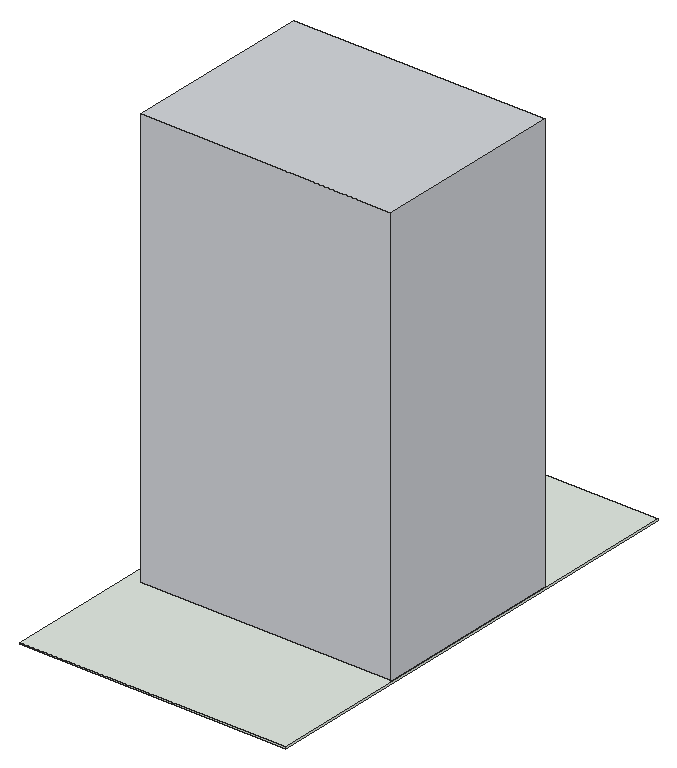
Revit family
Parameters
  Width [instance] = if(or(Area1 = 28.00 SF, not(Unit Width > 7' 0")), Unit Width, 7' 0")  # 4' - 0"
  Warranty Duration (Years) = 0
  Unit Width [instance] = 4' - 0"
  Unit Height [instance] = 7' - 0"
  Unit Depth = 0' - 0 1/4"
  URL = "http://www.americanspecialties.com/viewCategories.cfm"
  Trim Material = Default
  Test Data = ""
  Specification = "http://www.arcat.com/sdspecs/htm/10810asi.htm"
  SpecWizard = ""
  Send Message = "http://www.arcat.com/users.pl?action=UserEmail&company=American%20Specialties,%20Inc.&coid=30448&rep=139&fax=914-476-0688&mf="
  Sales Information = "http://www.americanspecialties.com/contact"
  Revision = "R1_10-2010"
  Product Properties = "http://www.americanspecialties.com/datasheets/8287.pdf"
  Product Data = "http://www.arcat.com/arcatcos/cos30/arc30448.html"
  Model = "As Specified in 10 28 13"
  Manufacturer Website = "http://www.americanspecialties.com/viewCategories.cfm"
  Manufacturer Phone - Toll Free = ""
  Manufacturer Phone = "914-476-9000 "
  Manufacturer Fax = "914-476-0688"
  Manufacturer Address = "441 Saw Mill River Rd., Yonkers, NY 10701"
  Manufacturer = "American Specialties, Inc."
  Maintenance Schedule (Months) = 0
  Keynote = "10 28 13"
  Installation-Fabrication = "http://www.americanspecialties.com/products.cfm"
  Height [instance] = if(and(not(Width > 7' 0"), not(Area1 > 28.00 SF), not(Unit Height > 7' 0")), Unit Height, 4' 0")  # 7' - 0"
  Green Building-LEED = ""
  Expected Lifespan (Years) = 0
  Drawn By = "Robert S. Weygant. CSI, CDT, SCIP"  # constant formula
  Description = "Toilet Accessory as Specified in 10 28 13"
  Default Elevation = 4' - 0"
  Copyright = "©Arcat Inc."
  Construction Details = "http://www.arcat.com/green/clients/leed_data_30448.html"
  Building Codes = "http://www.americanspecialties.com/products.cfm"
  Body Material = Mirror
  Assembly Code = "C1030210"
  Area1 [instance] = Unit Width * Unit Height  # 28.00 SF
Reference planes (in)
  plane 1 "Center (Front/Back)": y = -0.29112
  plane 2 "Floor Line": z = 0
  plane 3 "Center (Left/Right)": x = -0.65843
  plane 4: z = 90
  plane 5: z = 48
  plane 6: z = 132
Forms (in)
  Extrusion 1, solid
    sketch origin (-3, -9, -6) x (0, 0, -1) y (1, 0, 0)
      loop
        line (-82, 26) -> (-82, -19.34712) -> (-6, -19.34712) -> (-6, 26) -> (-82, 26)
    from 9 to -25.60721
  Extrusion 2, solid, material "Mirror" <- "Body Material"
    sketch origin (0, 0, 0) x (1, 0, 0) y (0, 1, 0)
      loop
        line (-24.65843, 41.70888) -> (-24.65843, -42.29112) -> (23.34157, -42.29112) -> (23.34157, 41.70888) -> (-24.65843, 41.70888)
    from 0 to 0.25
Dimensions and locks (in)
  equal spacing: plane 6, plane 4, plane 5
  "Unit Height": plane 6 to plane 5
  "Default Elevation": plane 5 to plane 2 "Floor Line"
  equal spacing: Extrusion 2 sketch curve, plane 3 "Center (Left/Right)", Extrusion 2 sketch curve
  equal spacing: Extrusion 2 sketch curve, plane 1 "Center (Front/Back)", Extrusion 2 sketch curve
  "Width": Extrusion 2 sketch curve to Extrusion 2 sketch curve
  "Height": Extrusion 2 sketch curve to Extrusion 2 sketch curve
  "Unit Depth": Extrusion 2 to plane 2 "Floor Line"
  aligned and locked: Extrusion 1 to level
Automatic sketch dimensions
  Extrusion 1 sketch curve to Extrusion 1 sketch curve = 6' - 4"
  Extrusion 1 sketch curve to Extrusion 1 sketch curve = 3' - 9.34712"
